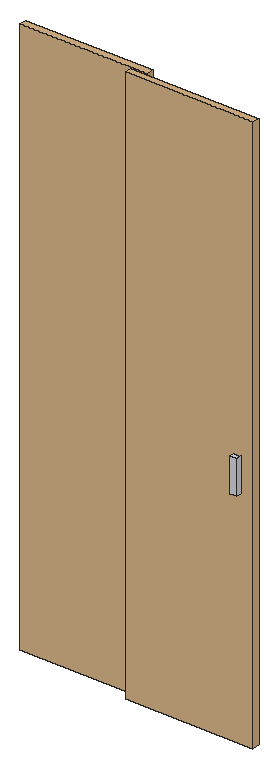
Revit family "PKNail Sliding", category Doors, host Wall, Revit 2017
Family settings
  Host = Wall
  Always vertical = Yes
  Cut with Voids When Loaded = No
  Shared = No
  Room Calculation Point = No
Parameters (values of type "36" x 84"")
  Width = 3' - 0"
  PKNail Family Lateral Orientation = "Sliding"
  PKNail Family Facing Orientation = "None"
  PKNail Family = "Sliding"
  Height = 7' - 0"
  Function = Interior
  Assembly Code = ""
Reference planes (in)
  plane 1: y = 0
  plane 2 "Center (Left/Right)": x = 0
  plane 3 "Wall Edge": y = 3
  plane 4: x = -18
  plane 5: x = 18
  plane 6: z = 84
Forms (in)
  Extrusion 1, void
    sketch origin (0, 3, 0) x (1, 0, 0) y (0, 0, 1)
      loop
        line (18, 84) -> (-18, 84) -> (-18, 0) -> (18, 0) -> (18, 84)
    from 0 to 60
  Extrusion 2, solid, material "Door - Panel"
    sketch origin (-60, 0, 0) x (1, 0, 0) y (0, 0, 1)
      loop
        line (58.875, 0.125) -> (77.875, 0.125) -> (77.875, 83.875) -> (58.875, 83.875) -> (58.875, 0.125)
    from 0.125 to 1.125
  Extrusion 3, solid, material "Door - Panel"
    sketch origin (-60, 0, 0) x (1, 0, 0) y (0, 0, 1)
      loop
        line (61.125, 0.125) -> (61.125, 83.875) -> (42.125, 83.875) -> (42.125, 0.125) -> (61.125, 0.125)
    from -0.125 to -1.125
  Extrusion 4, solid, material "Door - Knob"
    sketch origin (-60, 1.125, 33.5) x (1, 0, 0) y (0, 0, 1)
      loop
        line (44, 0) -> (45, 0) -> (45, 5) -> (44, 5) -> (44, 0)
    from 0 to -0.75
  Extrusion 5, solid
    sketch origin (-60, -1.125, 33.375) x (-1, 0, 0) y (0, 0, 1)
      loop
        line (-76, 0.125) -> (-75, 0.125) -> (-75, 5.125) -> (-76, 5.125) -> (-76, 0.125)
    from 0 to -0.75
Text (in)
  text "Placement Side" at (0, 40.15149, 123.01588), in view "Right"
  text "Placement Side" at (-91.8163, 45.38811, 0), in view "Ref. Level"
  text "Placement Side" at (0, 81.62555, 140.59947), in view "Left"
Dimensions and locks (in)
  locked: plane 3 "Wall Edge" to host wall
  equal spacing: plane 5, plane 2 "Center (Left/Right)", plane 4
  "Width": plane 5 to plane 4
  "Height": level to plane 6
  aligned and locked: plane 5 to Extrusion 1 sketch curve
  aligned and locked: plane 6 to Extrusion 1 sketch curve
  aligned and locked: level to Extrusion 1 sketch curve
  aligned and locked: Extrusion 1 sketch curve to plane 4
Automatic sketch dimensions
  level to Extrusion 2 sketch curve = 0' - 0 1/8"
  Extrusion 2 sketch curve to plane 6 = 0' - 0 1/8"
  Extrusion 2 sketch curve to plane 2 "Center (Left/Right)" = 0' - 1 1/8"
  Extrusion 2 sketch curve to plane 5 = 0' - 0 1/8"
  plane 2 "Center (Left/Right)" to Extrusion 3 sketch curve = 0' - 1 1/8"
  level to Extrusion 3 sketch curve = 0' - 0 1/8"
  Extrusion 3 sketch curve to plane 6 = 0' - 0 1/8"
  plane 4 to Extrusion 3 sketch curve = 0' - 0 1/8"
  Extrusion 4 sketch curve to Extrusion 3 = 0' - 1 7/8"
  Extrusion 4 sketch curve to Extrusion 4 sketch curve = 0' - 1"
  Extrusion 4 sketch curve to Extrusion 3 = 2' - 9 3/8"
  Extrusion 4 sketch curve to Extrusion 3 = 3' - 2 3/8"
  Extrusion 5 sketch curve to Extrusion 2 = 2' - 9 3/8"
  Extrusion 5 sketch curve to Extrusion 2 = 0' - 1 7/8"
  Extrusion 5 sketch curve to Extrusion 5 sketch curve = 0' - 1"
  Extrusion 5 sketch curve to Extrusion 2 = 3' - 2 3/8"
